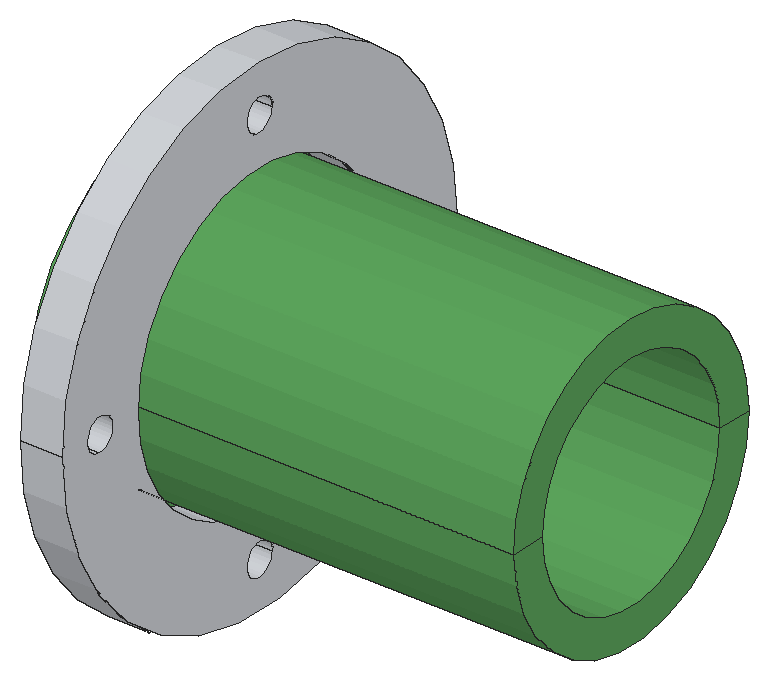
Revit family "Aquatherm_Соединительная втулка с фланцем PN6_1", category Соединительные детали трубопроводов, Revit 2019
Family settings
  Размер круглого соединителя = Использовать диаметр
  Тип детали = Соединение
  На основе рабочей плоскости = Нет
  Всегда вертикально = Да
  При загрузке вырезать с полостями = Нет
  Общий = Нет
Parameters (values of type "SDR 11")
  Материал_Фланец = AquaTherm сталь pipe
  Материал_Корпус = AquaTherm green pipe
  n [instance] = N / 1 mm  # 4
  l1 [instance] = size_lookup("Соединительная втулка с фланцем PN6_1", "l1", l + 5 mm, d)  # 18 mm
  d2 [instance] = D - 2 mm * 14  # 182 mm
  d1 [instance] = size_lookup("Соединительная втулка с фланцем PN6_1", "d1", D + 30 mm, d)  # 170 mm
  URL = "www.agpipe.ru"
  SDR = 11 mm
  N [instance] = size_lookup("Соединительная втулка с фланцем PN6_1", "N", 4 mm, d)  # 4 mm
  L [instance] = size_lookup("Соединительная втулка с фланцем PN6_1", "L", 50 mm, d)  # 195 mm
  D [instance] = size_lookup("Соединительная втулка с фланцем PN6_1", "D", d * 2, d)  # 210 mm
  l [instance] = size_lookup("Соединительная втулка с фланцем PN6_1", "l", 15 mm, d)  # 18.5 mm
  d [instance] = 125 mm
  ADSK_Примечание = ""
  ADSK_Позиция [instance] = ""
  ADSK_Обозначение = ""
  ADSK_Наименование [instance] = size_lookup("Соединительная втулка с фланцем PN6_1", "ADSK_Наименование", "Нет в каталоге", d)  # "Соединительная втулка с фланцем  PN6 DN125"
  ADSK_Масса_Текст [instance] = size_lookup("Соединительная втулка с фланцем PN6_1", "ADSK_Масса_Текст", "Нет в каталоге", d)  # "3.76"
  ADSK_Код изделия [instance] = size_lookup("Соединительная втулка с фланцем PN6_1", "ADSK_Код изделия", "Нет в каталоге", d)  # "15026"
  ADSK_Завод-изготовитель = "Aquatherm"  # constant formula
  ADSK_Единица измерения = "шт."  # constant formula
Types (6, lengths in mm): name | SDR
  (no name) | 11
  SDR 6 | 6
  SDR 7.4 | 7.4
  SDR 9 | 9
  SDR 11 | 11
  SDR 17.6 | 17.6
Reference planes
  plane 1 "По центру (Вперед/Назад)": y = 0
  plane 2: z = 0
  plane 3 "По центру (Влево/Вправо)": x = 0
  plane 4: x = -97.5
  plane 5: x = 97.5
  plane 6: x = -79
  plane 7: x = -61
  plane 8: y = 62.5
  plane 9: y = -62.5
  plane 10: y = 91
  plane 11: y = -91
Forms (mm)
  Revolve 1, solid, material "AquaTherm green pipe" <- "Материал_Корпус"
    sketch origin (0, 0, 0) x (1, 0, 0) y (0, 1, 0)
      loop
        line (-79, 47.5) -> (97.5, 47.5) -> (97.5, 62.5) -> (-79, 62.5) -> (-79, 78) -> (-97.5, 78) -> (-97.5, 51.675) -> (-79, 47.5)
      axis (-97.5, 0) -> (97.5, 0)
    angle from 0 to 360
Lines and regions (mm)
  reference lines
    curve 1: line (-97.5, 0, 0) -> (97.5, 0, 0)
Dimensions and locks
  equal spacing: plane 4, plane 3 "По центру (Влево/Вправо)", plane 5
  "L": plane 4 to plane 5
  "l": plane 4 to plane 6
  "l1": plane 6 to plane 7
  equal spacing: plane 11, plane 1 "По центру (Вперед/Назад)", plane 10
  "d2": plane 11 to plane 10
  equal spacing: plane 8, plane 1 "По центру (Вперед/Назад)", plane 9
  "d": plane 8 to plane 9
  locked: Revolve 1 sketch curve to plane 10 at 13
  locked: Revolve 1 sketch curve to plane 8 at 15
  locked: Revolve 1 sketch curve to plane 10 at 39.325
  aligned and locked: level to plane 2
  aligned and locked: plane 6 to nested 1
  aligned and locked: plane 5 to Revolve 1 sketch curve
  aligned and locked: Revolve 1 sketch curve to plane 4
  aligned and locked: plane 1 "По центру (Вперед/Назад)" to Revolve 1 sketch curve
  aligned and locked: plane 5 to curve 1
  aligned and locked: plane 4 to curve 1
  aligned and locked: plane 8 to Revolve 1 sketch curve
Automatic sketch dimensions
  plane 1 "По центру (Вперед/Назад)" to curve 1 = 0 mm
  Revolve 1 sketch curve to plane 6 = 0 mm  (x2)
  Revolve 1 sketch curve to plane 4 = 45 mm
  plane 5 to Revolve 1 sketch curve = 84.5 mm
Nested families
  nested 1: "Семейство1" at (-70, 0, 0), l <- "l1", d1 <- "d1", D <- "D", n <- "n", Материал_Фланец <- "Материал_Фланец", type "Семейство1"
    with Материал_Фланец AquaTherm сталь pipe, r1 85 mm, n 4, l 18 mm, d3 14 mm, d2 130 mm, d1 170 mm, D 210 mm
Connectors
  piping at (-97.5, 0, 0), diameter 125, driven by "d"
    settings: on curve 1, index 1, connector inside diameter 609.6 mm, connector length 0 mm, flow factor 0, pipe flow 0.0 L/s, pressure drop 0.0 Pa, fitting loss kfactor 0, connector angle 0.00°, fixture units 0, engagement length 0 mm, angle of deflection 0.00°, flow configuration 0, flow direction 0, fitting loss method 0, system type 28, joint type 0, gender type 0, connector reference index 2, connector utility 0, adjustable connector no, is connector primary yes, connector description ""
  piping at (97.5, 0, 0), diameter 125, driven by "d"
    settings: on curve 1, index 2, connector inside diameter 609.6 mm, connector length 0 mm, flow factor 0, pipe flow 0.0 L/s, pressure drop 0.0 Pa, fitting loss kfactor 0, connector angle 0.00°, fixture units 0, engagement length 0 mm, angle of deflection 0.00°, flow configuration 0, flow direction 0, fitting loss method 0, system type 28, joint type 0, gender type 0, connector reference index 1, connector utility 0, adjustable connector no, is connector primary no, connector description ""
Definition of nested family "Семейство1"
  Parameters (values of type "Семейство1")
    Материал_Фланец [instance] = none
    r1 [instance] = d1 / 2  # 100 mm
    n [instance] = 8
    l [instance] = 55 mm
    d3 [instance] = 14 mm  # constant formula
    d2 [instance] = D - 2 * (D - d1)  # 160 mm
    d1 [instance] = 200 mm
    D [instance] = 240 mm
  Reference planes
    plane 1 "По центру (Вперед/Назад)": y = 0
    plane 2: z = 0
    plane 3 "По центру (Влево/Вправо)": x = 0
    plane 4: x = -27.5
    plane 5: x = 27.5
  Forms (mm)
    Extrusion 1, solid, material <- "Материал_Фланец"
      sketch origin (0, 0, 0) x (0, 1, 0) y (0, 0, 1)
        loop
          circle (0, 0) r 120
        loop
          circle (0, 0) r 80
      from -27.5 to 27.5
    Extrusion 2, void
      sketch origin (21.5, 0, 62.5) x (0, 1, 0) y (0, 0, 1)
        loop
          circle (0, 37.5) r 7
      from -817.124 to 1008.5
    Extrusion 3, void
      sketch origin (21.5, 44.194, 44.194) x (0, 0.707107, -0.707107) y (0, 0.707107, 0.707107)
        loop
          circle (0, 37.5) r 7
      from -817.124 to 1008.5
    Extrusion 4, void
      sketch origin (21.5, 62.5, 0) x (0, 0, -1) y (0, 1, 0)
        loop
          circle (0, 37.5) r 7
      from -817.124 to 1008.5
    Extrusion 5, void
      sketch origin (21.5, 44.194, -44.194) x (0, -0.707107, -0.707107) y (0, 0.707107, -0.707107)
        loop
          circle (0, 37.5) r 7
      from -817.124 to 1008.5
    Extrusion 6, void
      sketch origin (21.5, 0, -62.5) x (0, -1, 0) y (0, 0, -1)
        loop
          circle (0, 37.5) r 7
      from -817.124 to 1008.5
    Extrusion 7, void
      sketch origin (21.5, -44.194, -44.194) x (0, -0.707107, 0.707107) y (0, -0.707107, -0.707107)
        loop
          circle (0, 37.5) r 7
      from -817.124 to 1008.5
    Extrusion 8, void
      sketch origin (21.5, -62.5, 0) x (0, 0, 1) y (0, -1, 0)
        loop
          circle (0, 37.5) r 7
      from -817.124 to 1008.5
    Extrusion 9, void
      sketch origin (21.5, -44.194, 44.194) x (0, 0.707107, 0.707107) y (0, -0.707107, 0.707107)
        loop
          circle (0, 37.5) r 7
      from -817.124 to 1008.5
  Cuts and joins
    Extrusion 2, Extrusion 3, Extrusion 4, Extrusion 5, Extrusion 6, Extrusion 7, Extrusion 8, Extrusion 9 cuts Extrusion 1
  Dimensions and locks
    equal spacing: plane 4, plane 3 "По центру (Влево/Вправо)", plane 5
    "l": plane 4 to plane 5
    "D": diameter of Extrusion 1 sketch curve
    "d2": diameter of Extrusion 1 sketch curve
    "d3": diameter of Extrusion 2 sketch curve
    "d3": diameter of Extrusion 3 sketch curve
    "d3": diameter of Extrusion 4 sketch curve
    "d1": diameter of radial array
    "d3": diameter of Extrusion 5 sketch curve
    "d3": diameter of Extrusion 6 sketch curve
    "d3": diameter of Extrusion 7 sketch curve
    "d3": diameter of Extrusion 8 sketch curve
    "d3": diameter of Extrusion 9 sketch curve
    aligned and locked: level to plane 2
    aligned and locked: cut or joined group 1 (Extrusion 1, Extrusion 2, Extrusion 3, Extrusion 4, Extrusion 5, Extrusion 6, Extrusion 7, Extrusion 8, Extrusion 9) to plane 4
    aligned and locked: cut or joined group 1 to plane 5
  Automatic sketch dimensions
    Extrusion 1 sketch curve to Extrusion 1 sketch curve = 0 mm  (x2)
    Extrusion 1 sketch curve to level = 0 mm
    Extrusion 1 sketch curve to plane 1 "По центру (Вперед/Назад)" = 0 mm
